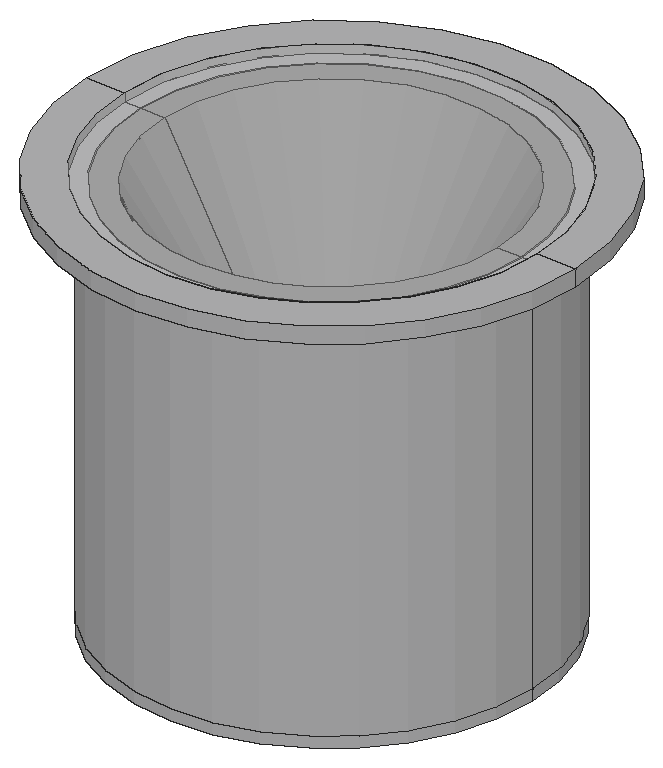
Revit family "2050664 Lighting Fixture_Sylvania_Myriad V LED_Ceiling Recessed", category Lighting Fixtures, host Face, Revit 2015
Parameters (values of type "MYRIAD SS HOUS 4000K ELE EM")
  Weight = 1.37 kg  # constant formula
  Wattage = 6.09709 W
  built-in parameter 1150110 = 1 (stored number, unit not read)
  Voltage Comments = "UNV (Universal Voltage; 220-240 Volt)"  # constant formula
  Voltage = 240 V  # constant formula
  URL = ""
  built-in parameter 1114217 = 1 (stored number, unit not read)
  Tilt Angle = -90.00°  # constant formula
  built-in parameter 1150109 = 1 (stored number, unit not read)
  built-in parameter 1150134 = 12
  built-in parameter 1150113 = 1 (stored number, unit not read)
  Reflector Material = Steel_Sylvania_Myrad V LED_Chrome
  Recessed Depth = Height  # 72.0 mm
  Photometric Web File = "2050664_MYRIADVLED16W4KElectronic+Emergency-91378.ies"
  Product Page URL = ""
  Product Family = "MYRIAD V LED - HOUSING ONLY"  # constant formula
  Photometry Comments = ""
  built-in parameter 1150105 = 499.17 (stored number, unit not read)
  Lumens = 314 lm
  built-in parameter 1150115 = 1 (stored number, unit not read)
  built-in parameter 1150137 = (empty or 0)
  built-in parameter 1150139 = (empty or 0)
  Life = "50 000"  # constant formula
  built-in parameter 1150112 = 1 (stored number, unit not read)
  built-in parameter 1150114 = 1 (stored number, unit not read)
  Lamp Comments = "18W Citizen Citiled neutral 4000K"
  LOR = "100%"  # constant formula
  Inner Radius = Cutout Radius - 2.0 mm  # 35.5 mm
  built-in parameter 1150132 = 2
  built-in parameter 1150102 = (empty or 0)
  built-in parameter 1150107 = 4000 (stored number, unit not read)
  built-in parameter 1150138 = (empty or 0)
  built-in parameter 1150106 = 4.9917 (stored number, unit not read)
  Emit from Circle Diameter = Diffuser Diameter  # 77.0 mm
  Emit Shape Visible in Rendering = no
  built-in parameter 1150104 = 4.7845 (stored number, unit not read)
  Dimming Lamp Color Temperature Shift = <None>
  Diffuser Diameter = Cutout Diameter + 2.0 mm  # 77.0 mm
  Cutout Radius = Cutout Diameter / 2  # 37.5 mm
  Cutout Diameter = 75.0 mm
  Color Filter = 16777215
  Body Material = Aluminum_Sylvania_Myrad V LED_Silver
  Beam Angle = 30.00°  # constant formula
  built-in parameter 1114218 = 1 (stored number, unit not read)
  built-in parameter 1150133 = 10 (stored number, unit not read)
  IP Rating = "IP20/44(with accessories)"  # constant formula
  Height = 72.0 mm
  Electrical Protection = "CLASS II"  # constant formula
  built-in parameter 1114216 [instance] = 1 (stored number, unit not read)
  Model = "2050664 MYRIAD SS HOUS 4000K ELE EM"
  Manufacturer = "Feilo-Sylvania Group"
  Lamp = "Integrated LED"
  Diffuser Material = Polycarbonate_Sylvania_Myrad V LED_Clear
  Description = "New high output high efficiency LED downlight modules. IR/UV free light source without heat radiation. Energy efficient light source with far superior luminous flux per watt than existing Low Voltage Halogen. Long life up to 50K hours, fit and forget maintenance free lighting solution. Dimmable options including DALI as standard. IP44 & IP65 versions as standard options. New range of Architectural accessories each providing a different lit dimension. Choice of colour temperatures warm 3000K and neutral 4000K. Luminaires supplied complete with LED drivers. Emergency versions passes through cut out. New completely flush plaster up accessory ring for clean ceiling lines and smooth finish. Total circuit power I5W"  # constant formula
  Default Elevation = 0.0 mm
  built-in parameter 1140040 [instance] = 1
  Assembly Code = "D5020200"
  Apparent Load Comments = ""
  Apparent Load = 18 VA
Reference planes
  plane 1 "Center (Front/Back)": y = 0
  plane 2: z = 0
  plane 3 "Center (Left/Right)": x = 0
  plane 4 "Fixture Bottom": z = 3
  plane 5 "Diffuser": z = 1.454
  plane 6 "Fixture Top": z = -72
  plane 7 "Housing Thickness": z = -70
  plane 8 "Reflector Top": z = -33.546
Forms (mm)
  Extrusion 1, void
    sketch origin (0, 0, 58) x (-1, 0, 0) y (0, -1, 0)
      loop
        circle (0, 0) r 37.5
    from -130 to -55
  Revolve 2, solid, material "Aluminum_Sylvania_Myrad V LED_Silver" <- "Body Material", detail levels fine
    sketch origin (0, 0, 0) x (1, 0, 0) y (0, 0, 1)
      loop
        line (-45.521, 3) -> (-45.521, 0) -> (-37.5, 0) -> (-37.5, -70) -> (-35.537, -70) -> (-35.537, 1.454) -> (-38.5, 1.454) -> (-38.5, 3) -> (-45.521, 3)
      axis (0, 3) -> (0, -70)
    angle from 0 to 360
  Extrusion 3, solid, material "Aluminum_Sylvania_Myrad V LED_Silver" <- "Body Material", detail levels fine
    sketch origin (0, 0, 58) x (-1, 0, 0) y (0, -1, 0)
      loop
        circle (0, 0) r 37.5
    from -130 to -128
  Revolve 4, solid, material "Steel_Sylvania_Myrad V LED_Chrome" <- "Reflector Material", detail levels fine
    sketch origin (0, 0, 0) x (1, 0, 0) y (0, 0, 1)
      loop
        line (-35.5, -33.546) -> (0, -33.546) -> (0, -31.083) -> (-12.169, -31.083) -> (-31, 1.454) -> (-35.5, 1.454) -> (-35.5, -33.546)
      axis (0, 1.454) -> (0, -33.546)
    angle from 0 to 360
  Extrusion 5, solid, material "Polycarbonate_Sylvania_Myrad V LED_Clear" <- "Diffuser Material", detail levels fine
    sketch origin (0, 0, 58) x (-1, 0, 0) y (0, -1, 0)
      loop
        circle (0, 0) r 38.5
    from -56.546 to -55
  Revolve 6, solid, material "Aluminum_Sylvania_Myrad V LED_Silver" <- "Body Material", detail levels coarse+medium
    sketch origin (0, 0, 0) x (1, 0, 0) y (0, 0, 1)
      loop
        line (-45.521, 3) -> (-45.521, 0) -> (-37.5, 0) -> (-37.5, -72) -> (0, -72) -> (0, 3) -> (-45.521, 3)
      axis (0, 3) -> (0, -72)
    angle from 0 to 360
Cuts and joins
  joined: Revolve 2, Extrusion 3
Dimensions and locks
  locked: plane 4 "Fixture Bottom" to plane 2 at 3
  locked: plane 5 "Diffuser" to plane 2 at 1.454
  "Height": plane 2 to plane 6 "Fixture Top"
  plane 7 "Housing Thickness" to plane 6 "Fixture Top" = 2.0 mm
  "Cutout Radius": plane 3 "Center (Left/Right)" to Revolve 2 sketch curve
  locked: Revolve 2 sketch curve to Revolve 2 sketch curve at 1.963
  locked: Revolve 2 sketch curve to Revolve 2 sketch curve at 8.021
  locked: Revolve 4 sketch curve to Revolve 4 sketch curve at 2.463
  locked: Revolve 2 sketch curve to Revolve 2 sketch curve at 1
  "Inner Radius": plane 3 "Center (Left/Right)" to Revolve 4 sketch curve
  locked: Revolve 4 sketch curve to Revolve 4 sketch curve at 4.5
  locked: Revolve 4 sketch curve to Revolve 4 sketch curve at 23.331
  locked: plane 5 "Diffuser" to plane 8 "Reflector Top" at 35
  locked: Revolve 6 sketch curve to Revolve 6 sketch curve at 8.021
  "Cutout Radius": Revolve 6 sketch curve to imposter light
  "Cutout Diameter": diameter of Extrusion 1 sketch curve
  "Cutout Diameter": diameter of Extrusion 3 sketch curve
  "Diffuser Diameter": diameter of Extrusion 5 sketch curve
  aligned and locked: host face to plane 2
  aligned and locked: level to host face
  aligned and locked: Revolve 2 sketch curve to plane 4 "Fixture Bottom"
  aligned and locked: Revolve 2 sketch curve to plane 5 "Diffuser"
  aligned and locked: Revolve 2 sketch curve to plane 2
  aligned and locked: Revolve 2 sketch curve to plane 3 "Center (Left/Right)"
  aligned and locked: plane 7 "Housing Thickness" to Extrusion 3
  aligned and locked: Extrusion 3 to plane 6 "Fixture Top"
  aligned and locked: Revolve 2 sketch curve to plane 7 "Housing Thickness"
  aligned and locked: Revolve 4 sketch curve to plane 5 "Diffuser"
  aligned and locked: Revolve 4 sketch curve to plane 3 "Center (Left/Right)"  (x2)
  aligned and locked: Extrusion 5 to plane 5 "Diffuser"
  aligned and locked: plane 4 "Fixture Bottom" to Extrusion 5
  aligned and locked: Revolve 4 sketch curve to plane 8 "Reflector Top"
  aligned and locked: imposter light to plane 3 "Center (Left/Right)"
  aligned and locked: imposter light to plane 4 "Fixture Bottom"
  aligned and locked: imposter light to plane 1 "Center (Front/Back)"
  aligned and locked: Revolve 6 sketch curve to plane 6 "Fixture Top"
  aligned and locked: Revolve 6 sketch curve to imposter light  (x2)
  aligned and locked: Revolve 6 sketch curve to plane 2
  aligned and locked: imposter light to Extrusion 1
  aligned and locked: Extrusion 1 to plane 6 "Fixture Top"
Automatic sketch dimensions
  host sketch curve to host sketch curve = 345.0 mm
  host sketch curve to host sketch curve = 280.0 mm
  plane 1 "Center (Front/Back)" to Extrusion 1 sketch curve = 0.0 mm
  Extrusion 1 sketch curve to plane 3 "Center (Left/Right)" = 0.0 mm
  plane 8 "Reflector Top" to Revolve 2 sketch curve = 16.453 mm
  plane 4 "Fixture Bottom" to Revolve 2 sketch curve = 14.907 mm
  plane 1 "Center (Front/Back)" to Extrusion 3 sketch curve = 0.0 mm
  Extrusion 3 sketch curve to plane 3 "Center (Left/Right)" = 0.0 mm
  plane 4 "Fixture Bottom" to Revolve 4 sketch curve = 9.307 mm
  Revolve 4 sketch curve to Revolve 4 sketch curve = 25.0 mm
  plane 1 "Center (Front/Back)" to Extrusion 5 sketch curve = 0.0 mm
  Extrusion 5 sketch curve to plane 3 "Center (Left/Right)" = 0.0 mm
  Revolve 6 sketch curve to plane 3 "Center (Left/Right)" = 0.0 mm
  plane 8 "Reflector Top" to Revolve 6 sketch curve = 16.453 mm
  Revolve 6 sketch curve to Revolve 6 sketch curve = 14.907 mm
Connectors
  electrical at (0, 0, -72), driven by "Voltage", driven by "Apparent Load"
    settings: on cut or joined group of Revolve 2, Extrusion 3, index 1, voltage 240 V, apparent load 0 VA, apparent load phase1 18 VA, apparent load phase2 0 VA, apparent load phase3 0 VA, power factor 1, load classification "Lighting", number of poles 1, system type 31, power factor state 1, is connector primary yes, connector utility no, sub classification motor no, connector description ""
